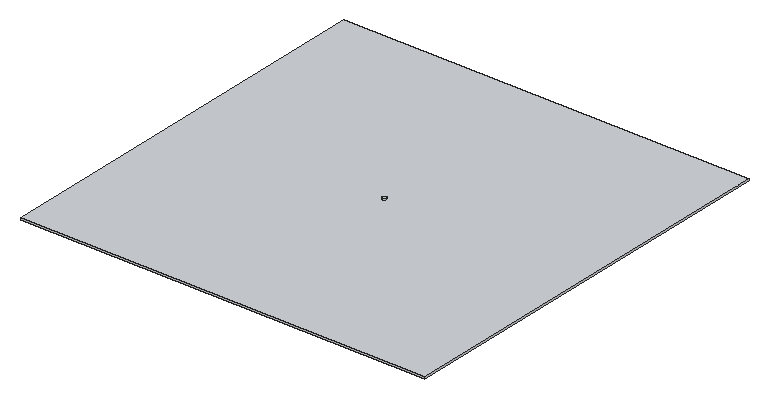
Revit family "GPC-CWFU", category Plumbing Equipment, host Face, Revit 2025
Family settings
  Host = Face
  Round Connector Dimension = Use Radius
  Classification = None
  Part Type = Normal
  OmniClass Number = 23.45.05.21.11.11
  OmniClass Title = Water Operated Water Closets
  Cut with Voids When Loaded = No
  Maintain Annotation Orientation = No
  Shared = No
  Room Calculation Point = No
Parameters (values of type "6 UDG")
  WFU = 3
  HWFU = 0
  Flow Pressure [instance] = 25.00 psi
  Cold Water Diameter [instance] = Cold Water Radius * 2  # 1"
  Cold Water Radius [instance] = 1/2"
  Pipe Material = none
  Default Elevation = 1' - 5"
  CWFU = 6
  Assembly Code = ""
Types (12): name | WFU | CWFU
  6 UDG | 3 | 6
  10 UDG | 4 | 10
  3 UDG | 3 | 3
  4.5 UDG | 3 | 4.5
  5 UDG | 3 | 5
  2 UDG | 3 | 2
  1 UDG | 3 | 1
  1.5 UDG | 3 | 1.5
  Public - 1.6 gpf | 4 | 10
  Private - 1.6 gpf | 3 | 6
  Private - Flushing Greater than 1.6 gpf | 4 | 6
  Public - Flushing Greater than 1.6 gpf | 6 | 10
Reference planes (in)
  plane 1 "Center (Front/Back)": y = 0
  plane 2: z = 0
  plane 3 "Center (Left/Right)": x = 0
Forms (in)
  Extrusion 1, solid
    sketch origin (0, 0, 0) x (1, 0, 0) y (0, 1, 0)
      loop
        line (-48, 48) -> (-48, -48) -> (48, -48) -> (48, 48) -> (-48, 48)
    from 0 to -0.39453
  Extrusion 2, solid, material <- "Pipe Material"
    sketch origin (15.94107, -25.42564, 0) x (0, 1, 0) y (-1, 0, 0)
      loop
        circle (25.42564, 15.94107) r 0.5
    from 0.11719 to 0
Lines and regions (in)
  reference lines
    curve 1: line (2.5, -7.75857, 0) -> (-2.5, -7.75857, 0)
    curve 2: line (0, -12.25857, 0) -> (0, 2.24143, 0)
Dimensions and locks (in)
  plane 1 "Center (Front/Back)" to Extrusion 2 = 0' - 0"
  "Cold Water Radius": radius of Extrusion 2 sketch curve
  aligned and locked: plane 2 to Extrusion 1
  aligned and locked: level to Extrusion 1
Automatic sketch dimensions
  Extrusion 1 sketch curve to Extrusion 1 sketch curve = 8' - 0"  (x2)
  curve 2 to plane 3 "Center (Left/Right)" = 0' - 0"
  plane 1 "Center (Front/Back)" to curve 2 = 1' - 0.25857"
  curve 1 to plane 3 "Center (Left/Right)" = 0' - 2 1/2"
  curve 2 to curve 1 = 0' - 4 1/2"
  curve 2 to plane 1 "Center (Front/Back)" = 0' - 2.24143"
  plane 3 "Center (Left/Right)" to curve 1 = 0' - 2 1/2"
  plane 1 "Center (Front/Back)" to Extrusion 2 sketch curve = 0' - 0"
  Extrusion 2 sketch curve to plane 3 "Center (Left/Right)" = 0' - 0"
Connectors (in)
  piping at (0, 0, 0), diameter 1, driven by "CWFU", driven by "Cold Water Radius", driven by "Flow Pressure"
    settings: on Extrusion 2, index 1, connector inside diameter 1", connector length 0' - 0", flow factor 0, pipe flow 0 GPM, pressure drop 25.00 psi, fitting loss kfactor 0, connector angle 0.00°, fixture units 6, engagement length 0' - 0", angle of deflection 0.00°, flow configuration 3, flow direction 1, fitting loss method 4, system type 20, joint type 0, gender type 0, connector reference index -1, connector utility 0, adjustable connector no, is connector primary yes, connector description "In"
